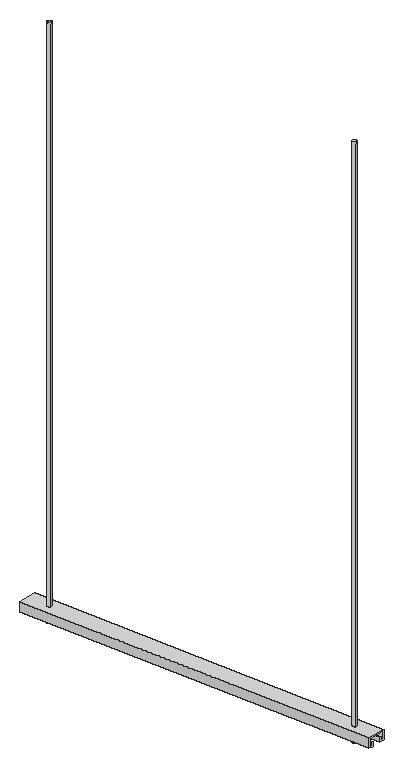
Revit family "LIIS_КрепежВоздуховодов_ТраверсаСоШпильками", category Соединительные детали коробов, Revit 2026
Family settings
  Размер круглого соединителя = Использовать диаметр
  Тип детали = Отвод
  На основе рабочей плоскости = Нет
  Всегда вертикально = Да
  При загрузке вырезать с полостями = Нет
  Общий = Нет
Parameters (values of type "Траверса со шпильками")
  ШпилькаУсиленная = no
  ШпилькаМ = 8 mm
  Ширина воздуховода [instance] = 600 mm
  ТипПрофиля = ♦ : 41x21x1.5
  Расстояние до основания [instance] = 1000 mm
  Профиль41x41x2.5 = ♦ : 41x41x2.5
  Профиль41x41x1.5 = ♦ : 41x41x1.5
  Профиль41x21x2.5 = ♦ : 41x21x2.5
  Профиль41x21x1.5 = ♦ : 41x21x1.5
  Профиль = if(ТипПрофиля = Профиль41x21x1.5, "41x21x1.5", if(ТипПрофиля = Профиль41x21x2.5, "41x21x2.5", if(ТипПрофиля = Профиль41x41x1.5, "41x41x1.5", if(ТипПрофиля = Профиль41x41x2.5, "41x41x2.5", "ТипПрофиля не найден"))))  # "41x21x1.5"
  Отметка по умолчанию = 0 mm
  ЛИИС_ИмяСистемы [instance] = "П1"
  ДлинаАнкера = size_lookup(LT_Анкер, "L", 0 mm, ШпилькаМ)  # 30 mm
  ДополнительнаяГайка = no
  Длина шпильки [instance] = (Высота воздуховода * 0.5 + Расстояние до основания + ДлинаАнкера + B + ВыносШпильки) * 2 / 1000 mm  # 2.527
  Высота воздуховода [instance] = 400 mm
  ВыносШпильки = if(ДополнительнаяГайка, S_Шайба + S_Гайка * 2 + S_Шайба * 2, S_Шайба + S_Гайка + S_Шайба * 2)  # 12.5 mm
  ВылетПрофиля = 100 mm
  X = size_lookup(LT_Профиль, "X", 8 mm, Профиль)  # 10 mm
  W = size_lookup(LT_Профиль, "W", 8 mm, Профиль)  # 9.3 mm
  S_Шайба = size_lookup(LT_Шайба, "s", 0 mm, ШпилькаМ)  # 2 mm
  S_Гайка = size_lookup(LT_Гайка, "m", 0 mm, ШпилькаМ)  # 6.5 mm
  S = size_lookup(LT_Профиль, "S", 1 mm, Профиль)  # 1.5 mm
  LT_Шайба = "Шайба"  # constant formula
  LT_Профиль = "С-образныйПрофиль"  # constant formula
  LT_Гайка = "Гайка"  # constant formula
  LT_Анкер = "Анкер"  # constant formula
  B = size_lookup(LT_Профиль, "B", 20 mm, Профиль)  # 21 mm
  ADSK_Наименование [instance] = size_lookup(LT_Профиль, "", "Решение не найдено", Профиль)  # "Профиль С-образный 41x21x1.5 мм"
  ADSK_Масса [instance] = size_lookup(LT_Профиль, "Massa", 0, Профиль)  # 1.062
  ADSK_Количество [instance] = (Ширина воздуховода + 2 * ВылетПрофиля) / 1000 mm  # 0.8
  ADSK_Единица измерения = "м"  # constant formula
  ADSK_Группирование [instance] = "Крепеж"
  ADSK_URL страницы изделия = "https://www.etm.ru/catalog/1040403670_perfoprofili_s_pokrytiem_holodnyy_cink?conf=33%243105%7C55%2413786%7C989%2468728%7C"
  A = size_lookup(LT_Профиль, "A", 20 mm, Профиль)  # 41 mm
Reference planes
  plane 1 "По центру (Вперед/Назад)": y = 0
  plane 2 "Ось": z = 0
  plane 3 "По центру (Влево/Вправо)": x = 0
  plane 4: x = -300
  plane 5: x = 300
  plane 6 "Верх": z = 200
  plane 7 "Низ": z = -200
  plane 8 "Основание": z = 1000
  plane 9: x = -350
  plane 10: x = -400
  plane 11: x = 350
  plane 12: x = 400
  plane 13: z = -221
  plane 14: z = -233.5
  plane 15: z = -223
  plane 16: z = -229.5
Forms (mm)
  Extrusion 1, solid, material "ADSK_Сталь оцинкованная"
    sketch origin (0, 0, 0) x (0, 1, 0) y (0, 0, 1)
      loop
        line (20.5, -200) -> (-20.5, -200) -> (-20.5, -221) -> (-11.2, -221) -> (-11.2, -211) -> (-12.7, -211) -> (-12.7, -219.5) -> (-19, -219.5) -> (-19, -201.5) -> (19, -201.5) -> (19, -219.5) -> (12.7, -219.5) -> (12.7, -211) -> (11.2, -211) -> (11.2, -221) -> (20.5, -221) -> (20.5, -200)
    from -400 to 400
  Extrusion 2, solid, material "ADSK_Сталь оцинкованная"
    sketch origin (0, 0, 0) x (1, 0, 0) y (0, 1, 0)
      loop
        circle (-350, 0) r 4
      loop
        circle (350, 0) r 4
    from -233.5 to 1000
Dimensions and locks
  equal spacing: plane 6 "Верх", plane 2 "Ось", plane 7 "Низ"
  "Высота воздуховода": plane 6 "Верх" to plane 7 "Низ"
  equal spacing: plane 5, plane 3 "По центру (Влево/Вправо)", plane 4
  "Ширина воздуховода": plane 5 to plane 4
  "Расстояние до основания": plane 8 "Основание" to plane 2 "Ось"
  equal spacing: plane 12, plane 11, plane 5
  "ВылетПрофиля": plane 12 to plane 5
  equal spacing: plane 4, plane 9, plane 10
  "ВылетПрофиля": plane 4 to plane 10
  equal spacing: Extrusion 1 sketch curve, plane 1 "По центру (Вперед/Назад)", Extrusion 1 sketch curve
  "A": Extrusion 1 sketch curve to Extrusion 1 sketch curve
  "S": plane 7 "Низ" to Extrusion 1 sketch curve
  "S": Extrusion 1 sketch curve to Extrusion 1 sketch curve  (x6)
  "B": plane 7 "Низ" to Extrusion 1 sketch curve  (x2)
  "X": Extrusion 1 sketch curve to Extrusion 1 sketch curve  (x2)
  "W": Extrusion 1 sketch curve to Extrusion 1 sketch curve  (x2)
  "B": plane 7 "Низ" to plane 13
  "ВыносШпильки": plane 13 to plane 14
  "S_Шайба": plane 13 to plane 15
  "S_Гайка": plane 15 to plane 16
  "ШпилькаМ": diameter of Extrusion 2 sketch curve  (x2)
  aligned and locked: level to plane 2 "Ось"
  aligned and locked: Extrusion 1 sketch curve to plane 7 "Низ"
  aligned and locked: Extrusion 1 to plane 10
  aligned and locked: Extrusion 1 to plane 12
  aligned and locked: plane 11 to Extrusion 2 sketch curve
  aligned and locked: plane 1 "По центру (Вперед/Назад)" to Extrusion 2 sketch curve  (x2)
  aligned and locked: plane 9 to Extrusion 2 sketch curve
  aligned and locked: plane 8 "Основание" to Extrusion 2
  aligned and locked: Extrusion 2 to plane 14
  aligned and locked: plane 9 to nested 1
  aligned and locked: plane 1 "По центру (Вперед/Назад)" to nested 1
  aligned and locked: plane 2 "Ось" to nested 1
  aligned and locked: plane 9 to nested 3
  aligned and locked: nested 4 to plane 11
  aligned and locked: plane 1 "По центру (Вперед/Назад)" to nested 4
  aligned and locked: plane 1 "По центру (Вперед/Назад)" to nested 3
  aligned and locked: plane 9 to nested 6
  aligned and locked: nested 7 to plane 11
  aligned and locked: plane 1 "По центру (Вперед/Назад)" to nested 7
  aligned and locked: plane 1 "По центру (Вперед/Назад)" to nested 6
  aligned and locked: plane 13 to nested 6
  aligned and locked: plane 15 to nested 3
  aligned and locked: plane 13 to nested 7
  aligned and locked: plane 15 to nested 4
  aligned and locked: plane 16 to nested 2
  aligned and locked: plane 16 to nested 5
  aligned and locked: plane 9 to nested 2
  aligned and locked: nested 5 to plane 11
  aligned and locked: plane 1 "По центру (Вперед/Назад)" to nested 5
  aligned and locked: plane 1 "По центру (Вперед/Назад)" to nested 2
  aligned and locked: plane 9 to nested 8
  aligned and locked: plane 1 "По центру (Вперед/Назад)" to nested 8
  aligned and locked: nested 9 to plane 11
  aligned and locked: plane 1 "По центру (Вперед/Назад)" to nested 9
Nested families
  nested 1: "Влж_КрепежВоздуховодов_ШпилькаРезьбовая" at (-350, 0, 0), M <- "ШпилькаМ", Усиленная <- "ШпилькаУсиленная", ADSK_Группирование <- "ADSK_Группирование", ADSK_Количество <- "Длина шпильки", ЛИИС_ИмяСистемы <- "ЛИИС_ИмяСистемы", type "Шпилька резьбовая метрическая"
    with Усиленная no, ЛИИС_ИмяСистемы "П1", Strong 0, M 8 mm, ADSK_Наименование "Шпилька резьбовая метрическая М8", ADSK_Масса 0.23, ADSK_Количество 2.527, ADSK_Группирование "Крепеж"
  nested 2: "Влж_КрепежВоздуховодов_ГайкаDIN934" at (-350, 0, -236), d <- "ШпилькаМ", ADSK_Группирование <- "ADSK_Группирование", visible <- "ДополнительнаяГайка", ЛИИС_ИмяСистемы <- "ЛИИС_ИмяСистемы", type "Гайка шестигранная DIN934"
    with Пользовательский no, ЛИИС_ИмяСистемы "П1", s 13 mm, m 6.5 mm, d 8 mm, ADSK_Наименование "Гайка шестигранная М8 DIN934", ADSK_Масса 0.0049, ADSK_Группирование "Крепеж"
  nested 3: "Влж_КрепежВоздуховодов_ГайкаDIN934" at (-350, 0, -229.5), d <- "ШпилькаМ", ADSK_Группирование <- "ADSK_Группирование", ЛИИС_ИмяСистемы <- "ЛИИС_ИмяСистемы", type "Гайка шестигранная DIN934"
    with Пользовательский no, ЛИИС_ИмяСистемы "П1", s 13 mm, m 6.5 mm, d 8 mm, ADSK_Наименование "Гайка шестигранная М8 DIN934", ADSK_Масса 0.0049, ADSK_Группирование "Крепеж"
  nested 4: "Влж_КрепежВоздуховодов_ГайкаDIN934" at (350, 0, -229.5), d <- "ШпилькаМ", ADSK_Группирование <- "ADSK_Группирование", ЛИИС_ИмяСистемы <- "ЛИИС_ИмяСистемы", type "Гайка шестигранная DIN934"
    with Пользовательский no, ЛИИС_ИмяСистемы "П1", s 13 mm, m 6.5 mm, d 8 mm, ADSK_Наименование "Гайка шестигранная М8 DIN934", ADSK_Масса 0.0049, ADSK_Группирование "Крепеж"
  nested 5: "Влж_КрепежВоздуховодов_ГайкаDIN934" at (350, 0, -236), d <- "ШпилькаМ", ADSK_Группирование <- "ADSK_Группирование", visible <- "ДополнительнаяГайка", ЛИИС_ИмяСистемы <- "ЛИИС_ИмяСистемы", type "Гайка шестигранная DIN934"
    with Пользовательский no, ЛИИС_ИмяСистемы "П1", s 13 mm, m 6.5 mm, d 8 mm, ADSK_Наименование "Гайка шестигранная М8 DIN934", ADSK_Масса 0.0049, ADSK_Группирование "Крепеж"
  nested 6: "Влж_КрепежВоздуховодов_ШайбаDIN9021" at (-350, 0, -223), M <- "ШпилькаМ", ADSK_Группирование <- "ADSK_Группирование", ЛИИС_ИмяСистемы <- "ЛИИС_ИмяСистемы", type "Шайба увеличенная оцинкованная DIN9021"
    with Пользовательский no, ЛИИС_ИмяСистемы "П1", s 2 mm, d 8.4 mm, M 8 mm, D 24 mm, ADSK_Наименование "Шайба увеличенная оцинкованная М8 DIN9021", ADSK_Масса 0.006, ADSK_Группирование "Крепеж"
  nested 7: "Влж_КрепежВоздуховодов_ШайбаDIN9021" at (350, 0, -223), M <- "ШпилькаМ", ADSK_Группирование <- "ADSK_Группирование", ЛИИС_ИмяСистемы <- "ЛИИС_ИмяСистемы", type "Шайба увеличенная оцинкованная DIN9021"
    with Пользовательский no, ЛИИС_ИмяСистемы "П1", s 2 mm, d 8.4 mm, M 8 mm, D 24 mm, ADSK_Наименование "Шайба увеличенная оцинкованная М8 DIN9021", ADSK_Масса 0.006, ADSK_Группирование "Крепеж"
  nested 8: "Влж_КрепежВоздуховодов_ЗабивнойАнкер" at (-350, 0, 0), M <- "ШпилькаМ", ADSK_Группирование <- "ADSK_Группирование", ЛИИС_ИмяСистемы <- "ЛИИС_ИмяСистемы", type "Анкер забивной с внутренней резьбой"
    with ЛИИС_ИмяСистемы "П1", M 8 mm, ADSK_Наименование "Анкер забивной с внутренней резьбой М8x30", ADSK_Масса 0.0081, ADSK_Группирование "Крепеж"
  nested 9: "Влж_КрепежВоздуховодов_ЗабивнойАнкер" at (350, 0, 0), M <- "ШпилькаМ", ADSK_Группирование <- "ADSK_Группирование", ЛИИС_ИмяСистемы <- "ЛИИС_ИмяСистемы", type "Анкер забивной с внутренней резьбой"
    with ЛИИС_ИмяСистемы "П1", M 8 mm, ADSK_Наименование "Анкер забивной с внутренней резьбой М8x30", ADSK_Масса 0.0081, ADSK_Группирование "Крепеж"
Definition of nested family "Влж_КрепежВоздуховодов_ГайкаDIN934"
  Parameters (values of type "Гайка шестигранная DIN934")
    Пользовательский [instance] = ADSK_Масса = 0  # no
    Default Elevation = 0 mm
    ЛИИС_ИмяСистемы [instance] = ""
    s [instance] = size_lookup(LT, "s", 5 mm, d)  # 13 mm
    m [instance] = size_lookup(LT, "m", 2 mm, d)  # 6.5 mm
    d [instance] = 8 mm
    LT = "Гайка"  # constant formula
    ADSK_Наименование [instance] = size_lookup(LT, "", "Решение не найдено", d)  # "Гайка шестигранная М8 DIN934"
    ADSK_Масса [instance] = size_lookup(LT, "Massa", 0, d)  # 0.0049
    ADSK_Количество = 1  # constant formula
    ADSK_Завод-изготовитель = ""
    ADSK_Единица измерения = "шт."  # constant formula
    ADSK_Группирование [instance] = ""
  Reference planes
    plane 1 "По центру (Вперед/Назад)": y = 0
    plane 2: z = 0
    plane 3 "По центру (Влево/Вправо)": x = 0
    plane 4: z = 6.5
  Forms (mm)
    Extrusion 1, solid
      sketch origin (0, 0, 0) x (1, 0, 0) y (0, 1, 0)
        loop
          line (0, 7.506) -> (-6.5, 3.753) -> (-6.5, -3.753) -> (0, -7.506) -> (6.5, -3.753) -> (6.5, 3.753) -> (0, 7.506)
        loop
          circle (0, 0) r 4
      from 0 to 6.5
  Dimensions and locks
    equal spacing: Extrusion 1 sketch curve, plane 3 "По центру (Влево/Вправо)", Extrusion 1 sketch curve  (x3)
    "m": plane 4 to plane 2
    "s": Extrusion 1 sketch curve to Extrusion 1 sketch curve  (x3)
    "d": diameter of Extrusion 1 sketch curve
    locked: Extrusion 1 sketch curve to Extrusion 1 sketch curve (angle 120.00°)  (x5)
    angle Extrusion 1 sketch curve to Extrusion 1 sketch curve = 120.00°
    aligned and locked: level to plane 2
    aligned and locked: plane 1 "По центру (Вперед/Назад)" to Extrusion 1 sketch curve
    aligned and locked: plane 3 "По центру (Влево/Вправо)" to Extrusion 1 sketch curve
    aligned and locked: plane 4 to Extrusion 1
    aligned and locked: Extrusion 1 to plane 2
Definition of nested family "Влж_КрепежВоздуховодов_ШайбаDIN9021"
  Parameters (values of type "Шайба увеличенная оцинкованная DIN9021")
    Пользовательский [instance] = ADSK_Масса = 0  # no
    Default Elevation = 0 mm
    ЛИИС_ИмяСистемы [instance] = ""
    s [instance] = size_lookup(LT, "s", 1 mm, M)  # 0.8 mm
    d [instance] = size_lookup(LT, "d", 8 mm, M)  # 3.2 mm
    M [instance] = 3 mm
    LT = "Шайба"  # constant formula
    D [instance] = size_lookup(LT, "D", 12 mm, M)  # 9 mm
    ADSK_Наименование [instance] = size_lookup(LT, "", "Решение не найдено", M)  # "Шайба увеличенная оцинкованная М3 DIN9021"
    ADSK_Масса [instance] = size_lookup(LT, "Massa", 0, M)  # 0.0008
    ADSK_Количество = 1  # constant formula
    ADSK_Завод-изготовитель = ""
    ADSK_Единица измерения = "шт."  # constant formula
    ADSK_Группирование [instance] = ""
  Reference planes
    plane 1 "По центру (Вперед/Назад)": y = 0
    plane 2: z = 0
    plane 3 "По центру (Влево/Вправо)": x = 0
    plane 4: z = 0.8
  Forms (mm)
    Extrusion 1, solid
      sketch origin (0, 0, 0) x (1, 0, 0) y (0, 1, 0)
        loop
          circle (0, 0) r 4.5
        loop
          circle (0, 0) r 1.6
      from 0 to 0.8
  Dimensions and locks
    "s": plane 4 to plane 2
    "D": diameter of Extrusion 1 sketch curve
    "d": diameter of Extrusion 1 sketch curve
    aligned and locked: level to plane 2
    aligned and locked: plane 3 "По центру (Влево/Вправо)" to Extrusion 1 sketch curve  (x2)
    aligned and locked: plane 1 "По центру (Вперед/Назад)" to Extrusion 1 sketch curve  (x2)
    aligned and locked: Extrusion 1 to plane 2
    aligned and locked: plane 4 to Extrusion 1
Definition of nested family "Влж_КрепежВоздуховодов_ШпилькаРезьбовая"
  Parameters (values of type "Шпилька резьбовая метрическая")
    Усиленная [instance] = yes
    Default Elevation = 0 mm
    ЛИИС_ИмяСистемы [instance] = ""
    Strong [instance] = if(Усиленная, 1, 0)  # 1
    M [instance] = 4 mm
    LT = "Шпилька"  # constant formula
    ADSK_Наименование [instance] = size_lookup(LT, "", "Решение не найдено", M, Strong)  # "Шпилька резьбовая усиленная метрическая М4"
    ADSK_Масса [instance] = size_lookup(LT, "Massa", 0, M, Strong)  # 0.074
    ADSK_Количество [instance] = 1
    ADSK_Единица измерения = "м"  # constant formula
    ADSK_Группирование [instance] = ""
  Reference planes
    plane 1 "По центру (Вперед/Назад)": y = 0
    plane 2 "Центрирование (Вверх/Вниз)": z = 0
    plane 3 "По центру (Влево/Вправо)": x = 0
  Dimensions and locks
    aligned and locked: level to plane 2 "Центрирование (Вверх/Вниз)"
Definition of nested family "Влж_КрепежВоздуховодов_ЗабивнойАнкер"
  Parameters (values of type "Анкер забивной с внутренней резьбой")
    Default Elevation = 0 mm
    ЛИИС_ИмяСистемы [instance] = ""
    M [instance] = 8 mm
    LT = "Анкер"  # constant formula
    ADSK_Наименование [instance] = size_lookup(LT, "", "Решение не найдено", M)  # "Анкер забивной с внутренней резьбой М8x30"
    ADSK_Масса [instance] = size_lookup(LT, "Massa", 0, M)  # 0.0081
    ADSK_Количество = 1  # constant formula
    ADSK_Завод-изготовитель = ""
    ADSK_Единица измерения = "шт."  # constant formula
    ADSK_Группирование [instance] = ""
  Reference planes
    plane 1 "По центру (Вперед/Назад)": y = 0
    plane 2: z = 0
    plane 3 "По центру (Влево/Вправо)": x = 0
  Dimensions and locks
    aligned and locked: level to plane 2
